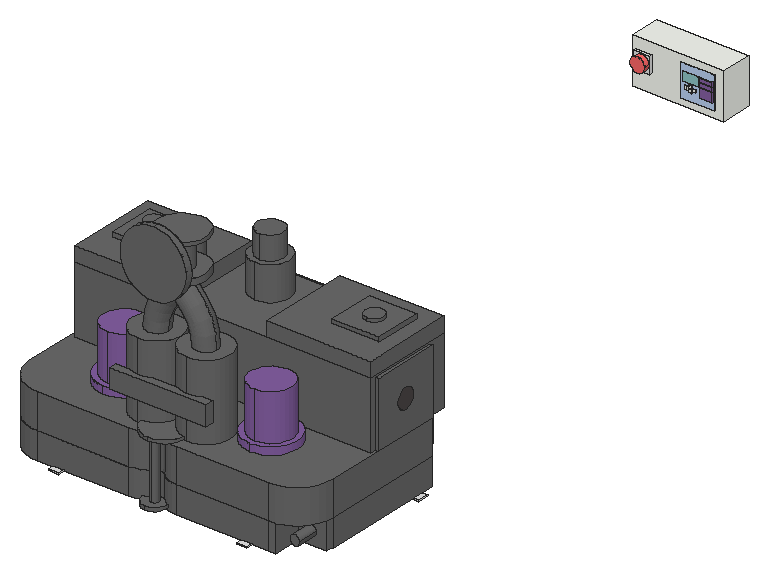
Revit family "11124", category Generic Models, Revit 2021
Family settings
  Can host rebar = No
  Round Connector Dimension = Use Diameter
  Part Type = Normal
  Work Plane-Based = No
  Always vertical = Yes
  Cut with Voids When Loaded = No
  Shared = Yes
  Room Calculation Point = No
Parameters (values of type "11124")
  SUPPLIER = "KESSEL"
  SA700ID49 = "Protection Class I"
  SA700ID48 = "no"
  SA700ID47 = "no"
  SA700ID46 = "yes"
  SA700ID37 = 20000 mm
  SA700ID34 = 55
  SA700ID33 = 4.2 W
  SA700ID32 = 200.52 kg
  SA700ID31 = 1
  SA700ID30 = 2
  SA700ID29 = "GLRD"
  SA700ID21 = 2000
  SA700ID10 = "yes"
  SA700ID08 = 400 V
  PROCUREWEBLINK = "https://p.caden.as/kessel/11124"
  PROCURELINK = "p.caden.as/kessel/11124"
  PROCUREDATALASTUPDATE = "2024-05-22T12:17:50.286292295+01:00"
  PREVIEW = "../../bilder/ksb_w_11124.png"
  PRC_SPECIFICATIONLINK = "https://ausschreiben.de/catalog/kessel/catalogItem/2811f697-09c3-4c11-ad32-2cc562652050"
  NN = "Lifting station Aqualift F XL"
  NBSYN = "$SA810ID03."
  NB = "11124"
  Model = "11124"
  Manufacturer = "KESSEL"
  MIdent = "{$CADENAS_DATA/23d-libs/kessel/kessel_vdi_import/4/entwaesserung/hebeanlage20aqualift20f20xl.prj},201 {STYP=ASS},{VTYP=3D},{NB=11124},{LINA=11124},{NN=Lifting station Aqualift F XL},{DATE=21.11.2022 10:48:11},{GEOMDATE=21.11.2022 10:48:11},{VERSION=},{LINEID=480},{WBVAR=LODLEVEL},{WBNUMERIC=LODLEVEL}  {NB=11124},{LINA=11124},{KT=DUMMY},{PREVIEW=../../bilder/ksb_w_11124.png},{SA700ID04=Hebeanlage Aqualift F XL 300 l, Duo, SPF 4500-S1, Gussschieber},{SA810ID06=04026092057919},{SA700ID34=55.00},{SA010ID03=201805},{SA810ID03=11124},{SA810ID10=Aqualift F XL 4500W-S1 Duo 300L m.S.G.KESSEL Aqualift F XL Hebeanlage für fäkalienhaltiges und fäkalienfreiesAbwasser. Zur Aufstellung in frostgeschützten Räumen.Duoanlage mit zwei Pumpen des Typs SPF 4500-S1 Sammelbehälter ausPolyethylen, mit verschraubter Reinigungsöffnung,Anschlussstutzen für Zulauf von oben DN100/150.Inklusive Tauchrohr zur pneumatischen Niveauerfassung,Entlüftungsanschluss DN 70 und Anschluss für eine Handmembranpumpe DN32.Behälter inklusive Haltewinkel zur Auftriebssicherung.Behältervolumen 300 Liter, max. Nutzvolumen bei Zulauf von oben ca. 175Liter.Zwei seitliche und drei rückseitige Anbohrflächen zur Montage weitererZuläufe bis DN 200 unter Verwendung von Durchgangsdichtungen.Inklusive KESSEL Schaltgerät Aqualift Comfort 400 V.Anwenderfreundliche Menüführung im mehrzeiligem Display. MitSelbstdiagnosesystem (SDS) und Erinnerungsfunktion für nächste Wartung.Anzeige der aktuellen Messwerte. Einfache Einstellung derfunktionsrelevanten Parameter, inklusive Betriebsstundenzähler undpotentialfreiem Kontakt. Optionale Weiterleitung von Alarm- undSammelstörmeldung über GSM Schnittstelle.Schaltgerät mit Volltextanzeige in sechs Sprachen.Abwasserpumpe(n) mit Freistromrad zur Förderung von fäkalienfreiemundfäkalienhaltigem Abwasser gemäß DIN EN 12050-1. Freier Kugeldurchgangmindestens 40 mm. Pumpe(n) überflutungssicher.Inklusive Rückflussverhinderer, mit Druckabgang aus Grauguss DN 80. nachDIN 2501. Inklusive einem Absperrschieber.Pumpe(n) Typ SPF 4500-S1Fördermenge: max. 56 m³/hFörderhöhe: max. 20 mNennleistung (P2): 3,7 KW je PumpeAufnahmeleistung (P1): 4,5 KW je PumpeBetriebsspannung: 400 V DSNennfrequenz: 50 HzNennstrom: 7,4 AAbsicherung: 3 x C 25 ASchutzart (Pumpe): IP68 3mWS/48hSchutzart (Schaltgerät): IP 65Bertiebsart: S1Kabellänge: 5 mAußenmaße Anlage mit 300 Liter Behälter (BxTxH): 1260 x 760 x 770 mmGewicht ca. 200,52 kg},{SA700ID37=20.00},{SA700ID33=4.20},{SA700ID08=400},{SA700ID30=2},{SA700ID32=200.52},{SA700ID49=Schutzklasse I},{SA700ID50=intern},{SA200ID03=6},{SA250ID03=vertikal},{SA260ID03=Trockenläuferpumpe},{SA350ID03=normalansaugend},{SA400ID03=E-Motor für Drehstrom},{SA460ID03=direkt},{SA500ID03=Kunststoff, Edelstahl},{SA700ID06=80},{SA700ID07=100},{SA700ID09=3/N/PE 400V},{SA700ID10=Ja},{SA700ID11=50},{SA700ID12=IP 68},{SA700ID13=F},{SA700ID15=40},{SA700ID21=2000.00},{SA700ID22=3.50},{SA700ID23=2850},{SA700ID24=2850},{SA700ID26=7.50},{SA700ID27=56.00},{SA700ID28=durchgehend},{SA700ID29=GLRD},{SA700ID31=1},{SA700ID46=ja},{SA700ID47=nein},{SA700ID48=nein},{SA110ID04=Hebeanlage Aqualift F XL},{SA300ID03=einstufig},{SA700ID44=10.00},{SA700ID45=10.00},{SA010ID04=KESSEL AG},{LODLEVEL=200},{LINK=https://www.kessel.de/info?han=11124},{SA970ID01=970},{SA970ID02=7187},{SA970ID03=11124},{SA970ID04=11002617},{SA970ID05=QUAD},{SA970ID06=-655.51},{SA970ID07=-650},{SA970ID08=0},{SA970ID09=1},{SA970ID10=0},{SA970ID11=0},{SA970ID12=0},{SA970ID13=1},{SA970ID14=0},{SA970ID15=1311.02},{SA970ID16=800},{SA970ID17=1037.75},{LODLEVEL_=200,'Low'},{LODLEVEL_DEU=200,'Low'},{LINK_=https://www.kessel.de/info?han=11124},{LINK_DEU=https://www.kessel.de/info?han=11124},{LODLEVEL_3DB=11124_200},{DNIN1=100},{DNIN2=70},{DNIN4=10},{DNIN5=10},{DNIN6=50},{DNIN7=50},{DNIN8=50},{DNIN9=50},{DNOUT1=32},{DNOUT2=100},{DNOUT3=70},{ISD1=96},{ISD2=10},{ISDOUT1=40},{ISDOUT2=85},{ISDOUT3=65},{SA010ID01=010},{SA010ID02=4},{SA010ID06=www.kessel.de},{SA010ID07=www.kessel.de},{SA010ID12=20180713},{SA010ID13=DEU},{SA010ID14=DE},{SA100ID01=100},{SA100ID02=4},{SA100ID04=Entwässerung},{SA110ID01=110},{SA110ID02=6},{SA200ID01=200},{SA200ID02=6},{SA250ID01=250},{SA250ID02=2},{SA260ID01=260},{SA260ID02=2},{SA300ID01=300},{SA300ID02=1},{SA350ID01=350},{SA350ID02=1},{SA400ID01=400},{SA400ID02=2},{SA460ID01=460},{SA460ID02=1},{SA500ID01=500},{SA500ID02=1},{SA700ID01=700},{SA700ID02=83},{SA700ID10_=1},{SA700ID16=0},{SA700ID25=0},{SA700ID46_=1},{SA700ID47_=0},{SA700ID48_=0},{SA700ID49_=1},{SA700ID50_=2},{SA800ID01=800},{SA800ID02=47},{SA810ID01=810},{SA810ID02=83},{SA810ID04=11124},{SA810ID07=83},{SA810ID09=1},{SA810ID14=PCE},{SA810ID15=1},{SA810ID16=NMP},{SA960ID03=83},{SA960ID04=3L},{SA960ID08=https://www.kessel.de/info?han=11124},{SA010ID08=4026092000007},{SA100ID05=Hebeanlage},{SA110ID06=Hebeanlage}"
  LINK = "https://www.kessel.de/info?han=11124"
  LINA = "11124"
  Default Elevation = 0 mm
  CREATOR = "CADENAS GmbH"
  CATALOG = "KESSEL"
  BOMINFO = "LINA"
  ARTICLENO = "NB"
  4.810.00.9 Order quantity (multiplicator) = "1"
  4.810.00.7 Media- connection number = "83"
  4.810.00.6 GTIN number = "04026092057919"
  4.810.00.4 DATANORM number = "11124"
  4.810.00.3 Producer order number = "11124"
  4.710.03.7 Mass (net) = 200.52 kg
  4.710.03.6 Height = 1042 mm
  4.710.03.5 Width = 889 mm
  4.710.03.4 Length = 1260 mm
  4.710.03.3 Type of dimensions = "2"
  4.710.02.8 Area of application of wastewater pump = "1"
  4.710.02.6 Duty type = "S1"
  4.710.02.5 Cutting device = "0"
  4.710.02.4 Attached pump control = "1"
  4.710.02.3 Free passage = 40 mm
  4.710.01.6 Option to connect to building automation = "40"
  4.710.01.5 Load regulation = "0"
  4.710.01.4 Designation of closed-loop control = "175"
  4.710.01.3 Identifier for closed-loop control = "300"
  4.700.00.9 Voltage = 0
  4.700.00.8 Nominal connection size on suction side = "100"
  4.700.00.7 Nominal connection size on pressure side = "100"
  4.700.00.6 Type of connection = "80"
  4.700.00.4 Product indentification = "Hebeanlage Aqualift F XL 300 l, Duo, SPF 4500-S1, Gussschieber"
  4.700.00.28 Motor pump shaft = "durchgehend"
  4.700.00.27 Starting current = 56
  4.700.00.26 Maximum power consumption per pump / drive = 7.5
  4.700.00.25 Minimum speed at internal speed adjustment = 0
  4.700.00.24 Nominal speed / maximum speed n = 47.5
  4.700.00.23 Nominal speed of motor = 47.5
  4.700.00.22 Maximum shaft output (P2) per pump/drive = 3.5 W
  4.700.00.16 Maximum temperature of pumped medium = 0 °C
  4.700.00.15 Increased safety class = "40 °C"
  4.700.00.13 Type of protection = "F"
  4.700.00.12 Frequency = 0
  4.700.00.11 Stern-/Dreieck-Anlaufschaltung bei Dreiphasenanschluss oder Drehstrom = "50 Hz"
  4.700.00.10 Phase = "1"
  4.500.00.3 Variant / Variant type / Accessories-name = "Kunststoff, Edelstahl"
  4.460.00.3 Variant / Variant type / Accessories-name = "direkt"
  4.400.00.3 Variant / Variant type / Accessories-name = "E-Motor für Drehstrom"
  4.350.00.3 Variant / Variant type / Accessories-name = "normalansaugend"
  4.300.00.3 Variant / Variant type / Accessories-name = "einstufig"
  4.260.00.3 Variant / Variant type / Accessories-name = "Trockenläuferpumpe"
  4.250.00.3 Variant / Variant type / Accessories-name = "vertikal"
  4.200.00.3 Variant / Variant type / Accessories-name = "6"
  4.110.00.6 Product classification = "Hebeanlage"
  4.110.00.4 Product indentification = "Hebeanlage Aqualift F XL"
  4.100.00.5 Main groups of wares = "Hebeanlage"
  4.100.00.4 Product indentification = "Entwässerung"
  4.010.00.8 Producer ID number = "4026092000007"
  4.010.00.7 Comment = "www.kessel.de"
  4.010.00.6 Web address of the manufacturer = "www.kessel.de"
  4.010.00.4 Manufacturer name = "KESSEL AG"
  4.010.00.3 Date of issuance (month) of guideline = "201805"
  4.010.00.2 Sheet number of the guideline = "4"
  4.010.00.14 Kennungen der Projektländer, für die die Datei gültig ist = "DE"
  4.010.00.13 Sprache der Datei = "DEU"
  4.010.00.12 Stand des Herstellerkatalogs = "20180713"
Reference planes
  plane 1 "Center (Front/Back)": y = 0
  plane 2: z = 0
  plane 3 "Center (Left/Right)": x = 0
Dimensions and locks
  aligned and locked: level to plane 2
Nested families
  nested 1: "11124_content" at (0, 0, 0), type "11124_Content"
  nested 2: "11124_part1_X0Y0" at (1000, 1000, 1200), type "11124_PART1_X0Y0"
  nested 3: "11124_part2_X0Y0" at (0, 0, 0), type "11124_PART2_X0Y0"
Connectors
  electrical at (861, 933, 1201.5)
    settings: on nested 2, index 1, voltage 0 V, apparent load 0 VA, apparent load phase1 0 VA, apparent load phase2 0 VA, apparent load phase3 0 VA, power factor 1, load classification "Other", number of poles 1, system type 31, power factor state 1, is connector primary yes, connector utility no, sub classification motor no, connector description ""
  piping at (0, 0, 771), diameter 100
    settings: on nested 3, index 2, connector inside diameter 609.6 mm, connector length 0 mm, flow factor 0, pipe flow 0.0 L/s, pressure drop 0.0 Pa, fitting loss kfactor 0, connector angle 0.00°, fixture units 0, engagement length 0 mm, angle of deflection 0.00°, flow configuration 0, flow direction 1, fitting loss method 2, system type 8, joint type 0, gender type 0, connector reference index -1, connector utility 0, adjustable connector no, is connector primary yes, connector description ""
  piping at (631, -85, 392), diameter 70
    settings: on nested 3, index 3, connector inside diameter 609.6 mm, connector length 0 mm, flow factor 0, pipe flow 0.0 L/s, pressure drop 0.0 Pa, fitting loss kfactor 0, connector angle 0.00°, fixture units 0, engagement length 0 mm, angle of deflection 0.00°, flow configuration 0, flow direction 0, fitting loss method 2, system type 8, joint type 0, gender type 0, connector reference index -1, connector utility 0, adjustable connector no, is connector primary no, connector description ""
  piping at (358.7, 150.5, 392), diameter 70
    settings: on nested 3, index 4, connector inside diameter 609.6 mm, connector length 0 mm, flow factor 0, pipe flow 0.0 L/s, pressure drop 0.0 Pa, fitting loss kfactor 0, connector angle 0.00°, fixture units 0, engagement length 0 mm, angle of deflection 0.00°, flow configuration 0, flow direction 0, fitting loss method 2, system type 8, joint type 0, gender type 0, connector reference index -1, connector utility 0, adjustable connector no, is connector primary no, connector description ""
  piping at (0, 150.5, 392), diameter 70
    settings: on nested 3, index 5, connector inside diameter 609.6 mm, connector length 0 mm, flow factor 0, pipe flow 0.0 L/s, pressure drop 0.0 Pa, fitting loss kfactor 0, connector angle 0.00°, fixture units 0, engagement length 0 mm, angle of deflection 0.00°, flow configuration 0, flow direction 0, fitting loss method 2, system type 8, joint type 0, gender type 0, connector reference index -1, connector utility 0, adjustable connector no, is connector primary no, connector description ""
  piping at (-357.7, 150.5, 392), diameter 70
    settings: on nested 3, index 6, connector inside diameter 609.6 mm, connector length 0 mm, flow factor 0, pipe flow 0.0 L/s, pressure drop 0.0 Pa, fitting loss kfactor 0, connector angle 0.00°, fixture units 0, engagement length 0 mm, angle of deflection 0.00°, flow configuration 0, flow direction 0, fitting loss method 2, system type 8, joint type 0, gender type 0, connector reference index -1, connector utility 0, adjustable connector no, is connector primary no, connector description ""
  piping at (-630, -85, 392), diameter 70
    settings: on nested 3, index 7, connector inside diameter 609.6 mm, connector length 0 mm, flow factor 0, pipe flow 0.0 L/s, pressure drop 0.0 Pa, fitting loss kfactor 0, connector angle 0.00°, fixture units 0, engagement length 0 mm, angle of deflection 0.00°, flow configuration 0, flow direction 0, fitting loss method 2, system type 8, joint type 0, gender type 0, connector reference index -1, connector utility 0, adjustable connector no, is connector primary no, connector description ""
  piping at (0, -460, 970), diameter 100
    settings: on nested 3, index 8, connector inside diameter 609.6 mm, connector length 0 mm, flow factor 0, pipe flow 0.0 L/s, pressure drop 0.0 Pa, fitting loss kfactor 0, connector angle 0.00°, fixture units 0, engagement length 0 mm, angle of deflection 0.00°, flow configuration 0, flow direction 2, fitting loss method 2, system type 7, joint type 0, gender type 0, connector reference index -1, connector utility 0, adjustable connector no, is connector primary no, connector description ""
  piping at (-269.5, -60, 681), diameter 70
    settings: on nested 3, index 9, connector inside diameter 609.6 mm, connector length 0 mm, flow factor 0, pipe flow 0.0 L/s, pressure drop 0.0 Pa, fitting loss kfactor 0, connector angle 0.00°, fixture units 0, engagement length 0 mm, angle of deflection 0.00°, flow configuration 0, flow direction 2, fitting loss method 2, system type 7, joint type 0, gender type 0, connector reference index -1, connector utility 0, adjustable connector no, is connector primary no, connector description ""
  piping at (565, -575.5, 56), diameter 32
    settings: on nested 3, index 10, connector inside diameter 609.6 mm, connector length 0 mm, flow factor 0, pipe flow 0.0 L/s, pressure drop 0.0 Pa, fitting loss kfactor 0, connector angle 0.00°, fixture units 0, engagement length 0 mm, angle of deflection 0.00°, flow configuration 0, flow direction 2, fitting loss method 2, system type 7, joint type 0, gender type 0, connector reference index -1, connector utility 0, adjustable connector no, is connector primary no, connector description ""
  electrical at (305.4, -376.25, 477)
    settings: on nested 3, index 11, voltage 0 V, apparent load 0 VA, apparent load phase1 0 VA, apparent load phase2 0 VA, apparent load phase3 0 VA, power factor 1, load classification "Other", number of poles 1, system type 31, power factor state 1, is connector primary no, connector utility no, sub classification motor no, connector description ""
  electrical at (-305.4, -376.25, 477)
    settings: on nested 3, index 12, voltage 0 V, apparent load 0 VA, apparent load phase1 0 VA, apparent load phase2 0 VA, apparent load phase3 0 VA, power factor 1, load classification "Other", number of poles 1, system type 31, power factor state 1, is connector primary no, connector utility no, sub classification motor no, connector description ""
  electrical at (-457, -29.5, 650)
    settings: on nested 3, index 13, voltage 0 V, apparent load 0 VA, apparent load phase1 0 VA, apparent load phase2 0 VA, apparent load phase3 0 VA, power factor 1, load classification "Other", number of poles 1, system type 31, power factor state 1, is connector primary no, connector utility no, sub classification motor no, connector description ""
Definition of nested family "11124_part1_X0Y0"
  Parameters (values of type "11124_PART1_X0Y0")
    SUPPLIER = "KESSEL"
    SA700ID49 = "Protection Class I"
    SA700ID48 = "no"
    SA700ID47 = "no"
    SA700ID46 = "yes"
    SA700ID37 = 20000 mm
    SA700ID34 = 55
    SA700ID33 = 4.2 W
    SA700ID32 = 200.52 kg
    SA700ID31 = 1
    SA700ID30 = 2
    SA700ID29 = "GLRD"
    SA700ID21 = 2000
    SA700ID10 = "yes"
    SA700ID08 = 400 V
    PREVIEW = "../../bilder/ksb_w_11124.png"
    NBSYN = "$SA810ID03._PART1"
    NB = "11124_PART1"
    Model = "11124_PART1"
    Manufacturer = "KESSEL"
    MIdent = "{$CADENAS_DATA/23d-libs/kessel/kessel_vdi_import/4/entwaesserung/hebeanlage20aqualift20f20xl.prj},221 {VTYP=3D},{NB=11124_PART1},{LINA=11124_PART1},{NN=Lifting station Aqualift F XL_PART1},{NOPRJ=TRUE},{DATE=21.11.2022 10:48:11},{GEOMDATE=21.11.2022 10:48:11},{VERSION=},{LINEID=480},{WBVAR=LODLEVEL},{WBNUMERIC=LODLEVEL}  {NB=11124_PART1},{LINA=11124_PART1},{KT=DUMMY},{PREVIEW=../../bilder/ksb_w_11124.png},{SA700ID04=Hebeanlage Aqualift F XL 300 l, Duo, SPF 4500-S1, Gussschieber},{SA810ID06=04026092057919},{SA700ID34=55.00},{SA010ID03=201805},{SA810ID03=11124},{SA810ID10=Aqualift F XL 4500W-S1 Duo 300L m.S.G.KESSEL Aqualift F XL Hebeanlage für fäkalienhaltiges und fäkalienfreiesAbwasser. Zur Aufstellung in frostgeschützten Räumen.Duoanlage mit zwei Pumpen des Typs SPF 4500-S1 Sammelbehälter ausPolyethylen, mit verschraubter Reinigungsöffnung,Anschlussstutzen für Zulauf von oben DN100/150.Inklusive Tauchrohr zur pneumatischen Niveauerfassung,Entlüftungsanschluss DN 70 und Anschluss für eine Handmembranpumpe DN32.Behälter inklusive Haltewinkel zur Auftriebssicherung.Behältervolumen 300 Liter, max. Nutzvolumen bei Zulauf von oben ca. 175Liter.Zwei seitliche und drei rückseitige Anbohrflächen zur Montage weitererZuläufe bis DN 200 unter Verwendung von Durchgangsdichtungen.Inklusive KESSEL Schaltgerät Aqualift Comfort 400 V.Anwenderfreundliche Menüführung im mehrzeiligem Display. MitSelbstdiagnosesystem (SDS) und Erinnerungsfunktion für nächste Wartung.Anzeige der aktuellen Messwerte. Einfache Einstellung derfunktionsrelevanten Parameter, inklusive Betriebsstundenzähler undpotentialfreiem Kontakt. Optionale Weiterleitung von Alarm- undSammelstörmeldung über GSM Schnittstelle.Schaltgerät mit Volltextanzeige in sechs Sprachen.Abwasserpumpe(n) mit Freistromrad zur Förderung von fäkalienfreiemundfäkalienhaltigem Abwasser gemäß DIN EN 12050-1. Freier Kugeldurchgangmindestens 40 mm. Pumpe(n) überflutungssicher.Inklusive Rückflussverhinderer, mit Druckabgang aus Grauguss DN 80. nachDIN 2501. Inklusive einem Absperrschieber.Pumpe(n) Typ SPF 4500-S1Fördermenge: max. 56 m³/hFörderhöhe: max. 20 mNennleistung (P2): 3,7 KW je PumpeAufnahmeleistung (P1): 4,5 KW je PumpeBetriebsspannung: 400 V DSNennfrequenz: 50 HzNennstrom: 7,4 AAbsicherung: 3 x C 25 ASchutzart (Pumpe): IP68 3mWS/48hSchutzart (Schaltgerät): IP 65Bertiebsart: S1Kabellänge: 5 mAußenmaße Anlage mit 300 Liter Behälter (BxTxH): 1260 x 760 x 770 mmGewicht ca. 200,52 kg},{SA700ID37=20.00},{SA700ID33=4.20},{SA700ID08=400},{SA700ID30=2},{SA700ID32=200.52},{SA700ID49=Schutzklasse I},{SA700ID50=intern},{SA200ID03=6},{SA250ID03=vertikal},{SA260ID03=Trockenläuferpumpe},{SA350ID03=normalansaugend},{SA400ID03=E-Motor für Drehstrom},{SA460ID03=direkt},{SA500ID03=Kunststoff, Edelstahl},{SA700ID06=80},{SA700ID07=100},{SA700ID09=3/N/PE 400V},{SA700ID10=Ja},{SA700ID11=50},{SA700ID12=IP 68},{SA700ID13=F},{SA700ID15=40},{SA700ID21=2000.00},{SA700ID22=3.50},{SA700ID23=2850},{SA700ID24=2850},{SA700ID26=7.50},{SA700ID27=56.00},{SA700ID28=durchgehend},{SA700ID29=GLRD},{SA700ID31=1},{SA700ID46=ja},{SA700ID47=nein},{SA700ID48=nein},{SA110ID04=Hebeanlage Aqualift F XL},{SA300ID03=einstufig},{SA700ID44=10.00},{SA700ID45=10.00},{SA010ID04=KESSEL AG},{LODLEVEL=200},{LINK=https://www.kessel.de/info?han=11124},{SA970ID01=970},{SA970ID02=7187},{SA970ID03=11124},{SA970ID04=11002617},{SA970ID05=QUAD},{SA970ID06=-655.51},{SA970ID07=-650},{SA970ID08=0},{SA970ID09=1},{SA970ID10=0},{SA970ID11=0},{SA970ID12=0},{SA970ID13=1},{SA970ID14=0},{SA970ID15=1311.02},{SA970ID16=800},{SA970ID17=1037.75},{LODLEVEL_=200,'Low'},{LODLEVEL_DEU=200,'Low'},{LINK_=https://www.kessel.de/info?han=11124},{LINK_DEU=https://www.kessel.de/info?han=11124},{LODLEVEL_3DB=11124_200},{DNIN1=100},{DNIN2=70},{DNIN4=10},{DNIN5=10},{DNIN6=50},{DNIN7=50},{DNIN8=50},{DNIN9=50},{DNOUT1=32},{DNOUT2=100},{DNOUT3=70},{ISD1=96},{ISD2=10},{ISDOUT1=40},{ISDOUT2=85},{ISDOUT3=65},{SA010ID01=010},{SA010ID02=4},{SA010ID06=www.kessel.de},{SA010ID07=www.kessel.de},{SA010ID12=20180713},{SA010ID13=DEU},{SA010ID14=DE},{SA100ID01=100},{SA100ID02=4},{SA100ID04=Entwässerung},{SA110ID01=110},{SA110ID02=6},{SA200ID01=200},{SA200ID02=6},{SA250ID01=250},{SA250ID02=2},{SA260ID01=260},{SA260ID02=2},{SA300ID01=300},{SA300ID02=1},{SA350ID01=350},{SA350ID02=1},{SA400ID01=400},{SA400ID02=2},{SA460ID01=460},{SA460ID02=1},{SA500ID01=500},{SA500ID02=1},{SA700ID01=700},{SA700ID02=83},{SA700ID10_=1},{SA700ID16=0},{SA700ID25=0},{SA700ID46_=1},{SA700ID47_=0},{SA700ID48_=0},{SA700ID49_=1},{SA700ID50_=2},{SA800ID01=800},{SA800ID02=47},{SA810ID01=810},{SA810ID02=83},{SA810ID04=11124},{SA810ID07=83},{SA810ID09=1},{SA810ID14=PCE},{SA810ID15=1},{SA810ID16=NMP},{SA960ID03=83},{SA960ID04=3L},{SA960ID08=https://www.kessel.de/info?han=11124},{SA010ID08=4026092000007},{SA100ID05=Hebeanlage},{SA110ID06=Hebeanlage}"
    LINK = "https://www.kessel.de/info?han=11124"
    LINA = "11124_PART1"
    Default Elevation = 1219.2 mm
    CREATOR = "CADENAS GmbH"
    CATALOG = "KESSEL"
    BOMINFO = "LINA"
    ARTICLENO = "NB"
    4.810.00.9 Order quantity (multiplicator) = "1"
    4.810.00.7 Media- connection number = "83"
    4.810.00.6 GTIN number = "04026092057919"
    4.810.00.4 DATANORM number = "11124"
    4.810.00.3 Producer order number = "11124"
    4.710.03.7 Mass (net) = 200.52 kg
    4.710.03.6 Height = 1042 mm
    4.710.03.5 Width = 889 mm
    4.710.03.4 Length = 1260 mm
    4.710.03.3 Type of dimensions = "2"
    4.710.02.8 Area of application of wastewater pump = "1"
    4.710.02.6 Duty type = "S1"
    4.710.02.5 Cutting device = "0"
    4.710.02.4 Attached pump control = "1"
    4.710.02.3 Free passage = 40 mm
    4.710.01.6 Option to connect to building automation = "40"
    4.710.01.5 Load regulation = "0"
    4.710.01.4 Designation of closed-loop control = "175"
    4.710.01.3 Identifier for closed-loop control = "300"
    4.700.00.9 Voltage = 0
    4.700.00.8 Nominal connection size on suction side = "100"
    4.700.00.7 Nominal connection size on pressure side = "100"
    4.700.00.6 Type of connection = "80"
    4.700.00.4 Product indentification = "Hebeanlage Aqualift F XL 300 l, Duo, SPF 4500-S1, Gussschieber"
    4.700.00.28 Motor pump shaft = "durchgehend"
    4.700.00.27 Starting current = 56
    4.700.00.26 Maximum power consumption per pump / drive = 7.5
    4.700.00.25 Minimum speed at internal speed adjustment = 0
    4.700.00.24 Nominal speed / maximum speed n = 47.5
    4.700.00.23 Nominal speed of motor = 47.5
    4.700.00.22 Maximum shaft output (P2) per pump/drive = 3.5 W
    4.700.00.16 Maximum temperature of pumped medium = 0 °C
    4.700.00.15 Increased safety class = "40 °C"
    4.700.00.13 Type of protection = "F"
    4.700.00.12 Frequency = 0
    4.700.00.11 Stern-/Dreieck-Anlaufschaltung bei Dreiphasenanschluss oder Drehstrom = "50 Hz"
    4.700.00.10 Phase = "1"
    4.500.00.3 Variant / Variant type / Accessories-name = "Kunststoff, Edelstahl"
    4.460.00.3 Variant / Variant type / Accessories-name = "direkt"
    4.400.00.3 Variant / Variant type / Accessories-name = "E-Motor für Drehstrom"
    4.350.00.3 Variant / Variant type / Accessories-name = "normalansaugend"
    4.300.00.3 Variant / Variant type / Accessories-name = "einstufig"
    4.260.00.3 Variant / Variant type / Accessories-name = "Trockenläuferpumpe"
    4.250.00.3 Variant / Variant type / Accessories-name = "vertikal"
    4.200.00.3 Variant / Variant type / Accessories-name = "6"
    4.110.00.6 Product classification = "Hebeanlage"
    4.110.00.4 Product indentification = "Hebeanlage Aqualift F XL"
    4.100.00.5 Main groups of wares = "Hebeanlage"
    4.100.00.4 Product indentification = "Entwässerung"
    4.010.00.8 Producer ID number = "4026092000007"
    4.010.00.7 Comment = "www.kessel.de"
    4.010.00.6 Web address of the manufacturer = "www.kessel.de"
    4.010.00.4 Manufacturer name = "KESSEL AG"
    4.010.00.3 Date of issuance (month) of guideline = "201805"
    4.010.00.2 Sheet number of the guideline = "4"
    4.010.00.14 Kennungen der Projektländer, für die die Datei gültig ist = "DE"
    4.010.00.13 Sprache der Datei = "DEU"
    4.010.00.12 Stand des Herstellerkatalogs = "20180713"
  Reference planes
    plane 1 "Center (Front/Back)": y = 0
    plane 2: z = 0
    plane 3 "Center (Left/Right)": x = 0
  Dimensions and locks
    aligned and locked: level to plane 2
  Nested families
    nested 1: "11124_part1_content" at (0, 0, 0), type "11124_PART1_Content"
  Definition of nested family "11124_part1_content"
    Parameters (values of type "11124_PART1_Content")
      SUPPLIER = "KESSEL"
      SA700ID49 = "Protection Class I"
      SA700ID48 = "no"
      SA700ID47 = "no"
      SA700ID46 = "yes"
      SA700ID37 = 20000 mm
      SA700ID34 = 55
      SA700ID33 = 4.2 W
      SA700ID32 = 200.52 kg
      SA700ID31 = 1
      SA700ID30 = 2
      SA700ID29 = "GLRD"
      SA700ID21 = 2000
      SA700ID10 = "yes"
      SA700ID08 = 400 V
      PREVIEW = "../../bilder/ksb_w_11124.png"
      NBSYN = "$SA810ID03._PART1"
      NB = "11124_PART1"
      Model = "11124_PART1"
      Manufacturer = "KESSEL"
      LINK = "https://www.kessel.de/info?han=11124"
      LINA = "11124_PART1"
      Default Elevation = 1219.2 mm
      CREATOR = "CADENAS GmbH"
      CATALOG = "KESSEL"
      BOMINFO = "LINA"
      ARTICLENO = "NB"
      4.810.00.9 Order quantity (multiplicator) = "1"
      4.810.00.7 Media- connection number = "83"
      4.810.00.6 GTIN number = "04026092057919"
      4.810.00.4 DATANORM number = "11124"
      4.810.00.3 Producer order number = "11124"
      4.710.03.7 Mass (net) = 200.52 kg
      4.710.03.6 Height = 1042 mm
      4.710.03.5 Width = 889 mm
      4.710.03.4 Length = 1260 mm
      4.710.03.3 Type of dimensions = "2"
      4.710.02.8 Area of application of wastewater pump = "1"
      4.710.02.6 Duty type = "S1"
      4.710.02.5 Cutting device = "0"
      4.710.02.4 Attached pump control = "1"
      4.710.02.3 Free passage = 40 mm
      4.710.01.6 Option to connect to building automation = "40"
      4.710.01.5 Load regulation = "0"
      4.710.01.4 Designation of closed-loop control = "175"
      4.710.01.3 Identifier for closed-loop control = "300"
      4.700.00.9 Voltage = 0
      4.700.00.8 Nominal connection size on suction side = "100"
      4.700.00.7 Nominal connection size on pressure side = "100"
      4.700.00.6 Type of connection = "80"
      4.700.00.4 Product indentification = "Hebeanlage Aqualift F XL 300 l, Duo, SPF 4500-S1, Gussschieber"
      4.700.00.28 Motor pump shaft = "durchgehend"
      4.700.00.27 Starting current = 56
      4.700.00.26 Maximum power consumption per pump / drive = 7.5
      4.700.00.25 Minimum speed at internal speed adjustment = 0
      4.700.00.24 Nominal speed / maximum speed n = 47.5
      4.700.00.23 Nominal speed of motor = 47.5
      4.700.00.22 Maximum shaft output (P2) per pump/drive = 3.5 W
      4.700.00.16 Maximum temperature of pumped medium = 0 °C
      4.700.00.15 Increased safety class = "40 °C"
      4.700.00.13 Type of protection = "F"
      4.700.00.12 Frequency = 0
      4.700.00.11 Stern-/Dreieck-Anlaufschaltung bei Dreiphasenanschluss oder Drehstrom = "50 Hz"
      4.700.00.10 Phase = "1"
      4.500.00.3 Variant / Variant type / Accessories-name = "Kunststoff, Edelstahl"
      4.460.00.3 Variant / Variant type / Accessories-name = "direkt"
      4.400.00.3 Variant / Variant type / Accessories-name = "E-Motor für Drehstrom"
      4.350.00.3 Variant / Variant type / Accessories-name = "normalansaugend"
      4.300.00.3 Variant / Variant type / Accessories-name = "einstufig"
      4.260.00.3 Variant / Variant type / Accessories-name = "Trockenläuferpumpe"
      4.250.00.3 Variant / Variant type / Accessories-name = "vertikal"
      4.200.00.3 Variant / Variant type / Accessories-name = "6"
      4.110.00.6 Product classification = "Hebeanlage"
      4.110.00.4 Product indentification = "Hebeanlage Aqualift F XL"
      4.100.00.5 Main groups of wares = "Hebeanlage"
      4.100.00.4 Product indentification = "Entwässerung"
      4.010.00.8 Producer ID number = "4026092000007"
      4.010.00.7 Comment = "www.kessel.de"
      4.010.00.6 Web address of the manufacturer = "www.kessel.de"
      4.010.00.4 Manufacturer name = "KESSEL AG"
      4.010.00.3 Date of issuance (month) of guideline = "201805"
      4.010.00.2 Sheet number of the guideline = "4"
      4.010.00.14 Kennungen der Projektländer, für die die Datei gültig ist = "DE"
      4.010.00.13 Sprache der Datei = "DEU"
      4.010.00.12 Stand des Herstellerkatalogs = "20180713"
    Reference planes
      plane 1 "Center (Front/Back)": y = 0
      plane 2: z = 0
      plane 3 "Center (Left/Right)": x = 0
    Forms (mm)
      Extrusion 1, solid, detail levels medium+fine
        sketch origin (189.25, -1.75, 0.2) x (0, -1, 0) y (0, 0, 1)
          loop
            line (0, 187.8) -> (0, 0) -> (127.75, 0) -> (127.75, 187.8) -> (0, 187.8)
        from 0 to 378.5
      Extrusion 2, solid, detail levels medium+fine
        sketch origin (-4, -67, 0) x (0, 1, 0) y (-1, 0, 0)
          loop
            circle (0, 0) r 12.5
        from 0 to 1.5
      Extrusion 3, solid, detail levels medium+fine
        sketch origin (150.8, -129.5, 26.5) x (0, -1, 0) y (0, 0, 1)
          loop
            line (-1.2, 134.8) -> (-1.2, 0) -> (0.25, 0) -> (0.25, 134.8) -> (-1.2, 134.8)
        from 0 to 139.9
      Extrusion 4, solid, detail levels medium+fine
        sketch origin (72.55, -129.75, 66) x (0, -1, 0) y (0, 0, 1)
          loop
            line (-1, 12) -> (-1, 0) -> (0.5, 0) -> (0.5, 12) -> (-1, 12)
        from 0 to 12
      Extrusion 5, solid, detail levels medium+fine
        sketch origin (84.45, -129.75, 93.4) x (0, -1, 0) y (0, 0, 1)
          loop
            line (-1, 37) -> (-1, 0) -> (0.5, 0) -> (0.5, 37) -> (-1, 37)
        from 0 to 66
      Extrusion 6, solid, detail levels medium+fine
        sketch origin (55.3, -129.75, 74) x (0, -1, 0) y (0, 0, 1)
          loop
            line (-1, 12) -> (-1, 0) -> (0.5, 0) -> (0.5, 12) -> (-1, 12)
        from 0 to 12
      Extrusion 7, solid, detail levels medium+fine
        sketch origin (143.3, -129.75, 94.4) x (0, -1, 0) y (0, 0, 1)
          loop
            line (0, 16) -> (0, 0) -> (1.75, 0) -> (1.75, 16) -> (0, 16)
        from 0 to 51
      Extrusion 8, solid, detail levels medium+fine
        sketch origin (143.3, -129.75, 54.4) x (0, -1, 0) y (0, 0, 1)
          loop
            line (0, 36) -> (0, 0) -> (1.75, 0) -> (1.75, 36) -> (0, 36)
        from 0 to 51
      Extrusion 9, solid, detail levels medium+fine
        sketch origin (55.3, -129.75, 57.5) x (0, -1, 0) y (0, 0, 1)
          loop
            line (-1, 12) -> (-1, 0) -> (0.5, 0) -> (0.5, 12) -> (-1, 12)
        from 0 to 12
      Extrusion 10, solid, detail levels medium+fine
        sketch origin (143.3, -129.75, 114.4) x (0, -1, 0) y (0, 0, 1)
          loop
            line (0, 16) -> (0, 0) -> (1.75, 0) -> (1.75, 16) -> (0, 16)
        from 0 to 51
      Extrusion 11, solid, detail levels medium+fine
        sketch origin (38.05, -129.75, 66) x (0, -1, 0) y (0, 0, 1)
          loop
            line (-1, 12) -> (-1, 0) -> (0.5, 0) -> (0.5, 12) -> (-1, 12)
        from 0 to 12
      Extrusion 12, solid, detail levels medium+fine
        sketch origin (47, -72, 0) x (0, 1, 0) y (-1, 0, 0)
          loop
            circle (0, 0) r 8
        from 0 to 1.5
      Extrusion 13, solid, detail levels medium+fine
        sketch origin (47, -42, 0) x (0, 1, 0) y (-1, 0, 0)
          loop
            circle (0, 0) r 5.25
        from 0 to 1.5
      Extrusion 14, solid, detail levels medium+fine
        sketch origin (77, -72, 0) x (0, 1, 0) y (-1, 0, 0)
          loop
            circle (0, 0) r 8
        from 0 to 1.5
      Extrusion 15, solid, detail levels medium+fine
        sketch origin (-94, -67, 0) x (0, 1, 0) y (-1, 0, 0)
          loop
            circle (0, 0) r 12.5
        from 0 to 1.5
      Extrusion 16, solid, detail levels medium+fine
        sketch origin (92, -42, 0) x (0, 1, 0) y (-1, 0, 0)
          loop
            circle (0, 0) r 8
        from 0 to 1.5
      Extrusion 17, solid, detail levels medium+fine
        sketch origin (107, -72, 0) x (0, 1, 0) y (-1, 0, 0)
          loop
            circle (0, 0) r 8
        from 0 to 1.5
      Extrusion 18, solid, detail levels medium+fine
        sketch origin (122, -42, 0) x (0, 1, 0) y (-1, 0, 0)
          loop
            circle (0, 0) r 8
        from 0 to 1.5
      Extrusion 19, solid, detail levels medium+fine
        sketch origin (-107.7, -129.5, 76.9) x (0, -1, 0) y (0, 0, 1)
          loop
            line (0, 67) -> (0, 0) -> (14, 0) -> (14, 67) -> (0, 67)
        from 0 to 67
      Extrusion 20, solid, detail levels medium+fine
        sketch origin (-141.2, -143.5, 110.4) x (1, 0, 0) y (0, 0, 1)
          loop
            circle (0, 0) r 30
        from 0 to 22
      Extrusion 21, solid, detail levels medium+fine
        sketch origin (127, -15, 0) x (0, 1, 0) y (-1, 0, 0)
          loop
            circle (0, 0) r 6
        from 0 to 1.5
      Extrusion 22, solid, detail levels medium+fine
        sketch origin (137, -72, 0) x (0, 1, 0) y (-1, 0, 0)
          loop
            circle (0, 0) r 8
        from 0 to 1.5
      Extrusion 23, solid, detail levels medium+fine
        sketch origin (-139, -67, 0) x (0, 1, 0) y (-1, 0, 0)
          loop
            circle (0, 0) r 12.5
        from 0 to 1.5
      Extrusion 24, solid, detail levels medium+fine
        sketch origin (152, -42, 0) x (0, 1, 0) y (-1, 0, 0)
          loop
            circle (0, 0) r 8
        from 0 to 1.5
      Extrusion 25, solid, detail levels coarse
        sketch origin (0, -83.625, 0) x (1, 0, 0) y (0, 1, 0)
          loop
            line (-189.25, -81.875) -> (189.25, -81.875) -> (189.25, 81.875) -> (-189.25, 81.875) -> (-189.25, -81.875)
        from 0 to 188
    Dimensions and locks
      aligned and locked: level to plane 2
Definition of nested family "11124_part2_X0Y0"
  Parameters (values of type "11124_PART2_X0Y0")
    SUPPLIER = "KESSEL"
    SA700ID49 = "Protection Class I"
    SA700ID48 = "no"
    SA700ID47 = "no"
    SA700ID46 = "yes"
    SA700ID37 = 20000 mm
    SA700ID34 = 55
    SA700ID33 = 4.2 W
    SA700ID32 = 200.52 kg
    SA700ID31 = 1
    SA700ID30 = 2
    SA700ID29 = "GLRD"
    SA700ID21 = 2000
    SA700ID10 = "yes"
    SA700ID08 = 400 V
    PREVIEW = "../../bilder/ksb_w_11124.png"
    NBSYN = "$SA810ID03._PART2"
    NB = "11124_PART2"
    Model = "11124_PART2"
    Manufacturer = "KESSEL"
    MIdent = "{$CADENAS_DATA/23d-libs/kessel/kessel_vdi_import/4/entwaesserung/hebeanlage20aqualift20f20xl.prj},221 {VTYP=3D},{NB=11124_PART2},{LINA=11124_PART2},{NN=Lifting station Aqualift F XL_PART2},{NOPRJ=TRUE},{DATE=21.11.2022 10:48:11},{GEOMDATE=21.11.2022 10:48:11},{VERSION=},{LINEID=480},{WBVAR=LODLEVEL},{WBNUMERIC=LODLEVEL}  {NB=11124_PART2},{LINA=11124_PART2},{KT=DUMMY},{PREVIEW=../../bilder/ksb_w_11124.png},{SA700ID04=Hebeanlage Aqualift F XL 300 l, Duo, SPF 4500-S1, Gussschieber},{SA810ID06=04026092057919},{SA700ID34=55.00},{SA010ID03=201805},{SA810ID03=11124},{SA810ID10=Aqualift F XL 4500W-S1 Duo 300L m.S.G.KESSEL Aqualift F XL Hebeanlage für fäkalienhaltiges und fäkalienfreiesAbwasser. Zur Aufstellung in frostgeschützten Räumen.Duoanlage mit zwei Pumpen des Typs SPF 4500-S1 Sammelbehälter ausPolyethylen, mit verschraubter Reinigungsöffnung,Anschlussstutzen für Zulauf von oben DN100/150.Inklusive Tauchrohr zur pneumatischen Niveauerfassung,Entlüftungsanschluss DN 70 und Anschluss für eine Handmembranpumpe DN32.Behälter inklusive Haltewinkel zur Auftriebssicherung.Behältervolumen 300 Liter, max. Nutzvolumen bei Zulauf von oben ca. 175Liter.Zwei seitliche und drei rückseitige Anbohrflächen zur Montage weitererZuläufe bis DN 200 unter Verwendung von Durchgangsdichtungen.Inklusive KESSEL Schaltgerät Aqualift Comfort 400 V.Anwenderfreundliche Menüführung im mehrzeiligem Display. MitSelbstdiagnosesystem (SDS) und Erinnerungsfunktion für nächste Wartung.Anzeige der aktuellen Messwerte. Einfache Einstellung derfunktionsrelevanten Parameter, inklusive Betriebsstundenzähler undpotentialfreiem Kontakt. Optionale Weiterleitung von Alarm- undSammelstörmeldung über GSM Schnittstelle.Schaltgerät mit Volltextanzeige in sechs Sprachen.Abwasserpumpe(n) mit Freistromrad zur Förderung von fäkalienfreiemundfäkalienhaltigem Abwasser gemäß DIN EN 12050-1. Freier Kugeldurchgangmindestens 40 mm. Pumpe(n) überflutungssicher.Inklusive Rückflussverhinderer, mit Druckabgang aus Grauguss DN 80. nachDIN 2501. Inklusive einem Absperrschieber.Pumpe(n) Typ SPF 4500-S1Fördermenge: max. 56 m³/hFörderhöhe: max. 20 mNennleistung (P2): 3,7 KW je PumpeAufnahmeleistung (P1): 4,5 KW je PumpeBetriebsspannung: 400 V DSNennfrequenz: 50 HzNennstrom: 7,4 AAbsicherung: 3 x C 25 ASchutzart (Pumpe): IP68 3mWS/48hSchutzart (Schaltgerät): IP 65Bertiebsart: S1Kabellänge: 5 mAußenmaße Anlage mit 300 Liter Behälter (BxTxH): 1260 x 760 x 770 mmGewicht ca. 200,52 kg},{SA700ID37=20.00},{SA700ID33=4.20},{SA700ID08=400},{SA700ID30=2},{SA700ID32=200.52},{SA700ID49=Schutzklasse I},{SA700ID50=intern},{SA200ID03=6},{SA250ID03=vertikal},{SA260ID03=Trockenläuferpumpe},{SA350ID03=normalansaugend},{SA400ID03=E-Motor für Drehstrom},{SA460ID03=direkt},{SA500ID03=Kunststoff, Edelstahl},{SA700ID06=80},{SA700ID07=100},{SA700ID09=3/N/PE 400V},{SA700ID10=Ja},{SA700ID11=50},{SA700ID12=IP 68},{SA700ID13=F},{SA700ID15=40},{SA700ID21=2000.00},{SA700ID22=3.50},{SA700ID23=2850},{SA700ID24=2850},{SA700ID26=7.50},{SA700ID27=56.00},{SA700ID28=durchgehend},{SA700ID29=GLRD},{SA700ID31=1},{SA700ID46=ja},{SA700ID47=nein},{SA700ID48=nein},{SA110ID04=Hebeanlage Aqualift F XL},{SA300ID03=einstufig},{SA700ID44=10.00},{SA700ID45=10.00},{SA010ID04=KESSEL AG},{LODLEVEL=200},{LINK=https://www.kessel.de/info?han=11124},{SA970ID01=970},{SA970ID02=7187},{SA970ID03=11124},{SA970ID04=11002617},{SA970ID05=QUAD},{SA970ID06=-655.51},{SA970ID07=-650},{SA970ID08=0},{SA970ID09=1},{SA970ID10=0},{SA970ID11=0},{SA970ID12=0},{SA970ID13=1},{SA970ID14=0},{SA970ID15=1311.02},{SA970ID16=800},{SA970ID17=1037.75},{LODLEVEL_=200,'Low'},{LODLEVEL_DEU=200,'Low'},{LINK_=https://www.kessel.de/info?han=11124},{LINK_DEU=https://www.kessel.de/info?han=11124},{LODLEVEL_3DB=11124_200},{DNIN1=100},{DNIN2=70},{DNIN4=10},{DNIN5=10},{DNIN6=50},{DNIN7=50},{DNIN8=50},{DNIN9=50},{DNOUT1=32},{DNOUT2=100},{DNOUT3=70},{ISD1=96},{ISD2=10},{ISDOUT1=40},{ISDOUT2=85},{ISDOUT3=65},{SA010ID01=010},{SA010ID02=4},{SA010ID06=www.kessel.de},{SA010ID07=www.kessel.de},{SA010ID12=20180713},{SA010ID13=DEU},{SA010ID14=DE},{SA100ID01=100},{SA100ID02=4},{SA100ID04=Entwässerung},{SA110ID01=110},{SA110ID02=6},{SA200ID01=200},{SA200ID02=6},{SA250ID01=250},{SA250ID02=2},{SA260ID01=260},{SA260ID02=2},{SA300ID01=300},{SA300ID02=1},{SA350ID01=350},{SA350ID02=1},{SA400ID01=400},{SA400ID02=2},{SA460ID01=460},{SA460ID02=1},{SA500ID01=500},{SA500ID02=1},{SA700ID01=700},{SA700ID02=83},{SA700ID10_=1},{SA700ID16=0},{SA700ID25=0},{SA700ID46_=1},{SA700ID47_=0},{SA700ID48_=0},{SA700ID49_=1},{SA700ID50_=2},{SA800ID01=800},{SA800ID02=47},{SA810ID01=810},{SA810ID02=83},{SA810ID04=11124},{SA810ID07=83},{SA810ID09=1},{SA810ID14=PCE},{SA810ID15=1},{SA810ID16=NMP},{SA960ID03=83},{SA960ID04=3L},{SA960ID08=https://www.kessel.de/info?han=11124},{SA010ID08=4026092000007},{SA100ID05=Hebeanlage},{SA110ID06=Hebeanlage}"
    LINK = "https://www.kessel.de/info?han=11124"
    LINA = "11124_PART2"
    Default Elevation = 1219.2 mm
    CREATOR = "CADENAS GmbH"
    CATALOG = "KESSEL"
    BOMINFO = "LINA"
    ARTICLENO = "NB"
    4.810.00.9 Order quantity (multiplicator) = "1"
    4.810.00.7 Media- connection number = "83"
    4.810.00.6 GTIN number = "04026092057919"
    4.810.00.4 DATANORM number = "11124"
    4.810.00.3 Producer order number = "11124"
    4.710.03.7 Mass (net) = 200.52 kg
    4.710.03.6 Height = 1042 mm
    4.710.03.5 Width = 889 mm
    4.710.03.4 Length = 1260 mm
    4.710.03.3 Type of dimensions = "2"
    4.710.02.8 Area of application of wastewater pump = "1"
    4.710.02.6 Duty type = "S1"
    4.710.02.5 Cutting device = "0"
    4.710.02.4 Attached pump control = "1"
    4.710.02.3 Free passage = 40 mm
    4.710.01.6 Option to connect to building automation = "40"
    4.710.01.5 Load regulation = "0"
    4.710.01.4 Designation of closed-loop control = "175"
    4.710.01.3 Identifier for closed-loop control = "300"
    4.700.00.9 Voltage = 0
    4.700.00.8 Nominal connection size on suction side = "100"
    4.700.00.7 Nominal connection size on pressure side = "100"
    4.700.00.6 Type of connection = "80"
    4.700.00.4 Product indentification = "Hebeanlage Aqualift F XL 300 l, Duo, SPF 4500-S1, Gussschieber"
    4.700.00.28 Motor pump shaft = "durchgehend"
    4.700.00.27 Starting current = 56
    4.700.00.26 Maximum power consumption per pump / drive = 7.5
    4.700.00.25 Minimum speed at internal speed adjustment = 0
    4.700.00.24 Nominal speed / maximum speed n = 47.5
    4.700.00.23 Nominal speed of motor = 47.5
    4.700.00.22 Maximum shaft output (P2) per pump/drive = 3.5 W
    4.700.00.16 Maximum temperature of pumped medium = 0 °C
    4.700.00.15 Increased safety class = "40 °C"
    4.700.00.13 Type of protection = "F"
    4.700.00.12 Frequency = 0
    4.700.00.11 Stern-/Dreieck-Anlaufschaltung bei Dreiphasenanschluss oder Drehstrom = "50 Hz"
    4.700.00.10 Phase = "1"
    4.500.00.3 Variant / Variant type / Accessories-name = "Kunststoff, Edelstahl"
    4.460.00.3 Variant / Variant type / Accessories-name = "direkt"
    4.400.00.3 Variant / Variant type / Accessories-name = "E-Motor für Drehstrom"
    4.350.00.3 Variant / Variant type / Accessories-name = "normalansaugend"
    4.300.00.3 Variant / Variant type / Accessories-name = "einstufig"
    4.260.00.3 Variant / Variant type / Accessories-name = "Trockenläuferpumpe"
    4.250.00.3 Variant / Variant type / Accessories-name = "vertikal"
    4.200.00.3 Variant / Variant type / Accessories-name = "6"
    4.110.00.6 Product classification = "Hebeanlage"
    4.110.00.4 Product indentification = "Hebeanlage Aqualift F XL"
    4.100.00.5 Main groups of wares = "Hebeanlage"
    4.100.00.4 Product indentification = "Entwässerung"
    4.010.00.8 Producer ID number = "4026092000007"
    4.010.00.7 Comment = "www.kessel.de"
    4.010.00.6 Web address of the manufacturer = "www.kessel.de"
    4.010.00.4 Manufacturer name = "KESSEL AG"
    4.010.00.3 Date of issuance (month) of guideline = "201805"
    4.010.00.2 Sheet number of the guideline = "4"
    4.010.00.14 Kennungen der Projektländer, für die die Datei gültig ist = "DE"
    4.010.00.13 Sprache der Datei = "DEU"
    4.010.00.12 Stand des Herstellerkatalogs = "20180713"
  Reference planes
    plane 1 "Center (Front/Back)": y = 0
    plane 2: z = 0
    plane 3 "Center (Left/Right)": x = 0
  Dimensions and locks
    aligned and locked: level to plane 2
  Nested families
    nested 1: "11124_part2_content" at (0, 0, 0), type "11124_PART2_Content"
  Definition of nested family "11124_part2_content"
    Parameters (values of type "11124_PART2_Content")
      SUPPLIER = "KESSEL"
      SA700ID49 = "Protection Class I"
      SA700ID48 = "no"
      SA700ID47 = "no"
      SA700ID46 = "yes"
      SA700ID37 = 20000 mm
      SA700ID34 = 55
      SA700ID33 = 4.2 W
      SA700ID32 = 200.52 kg
      SA700ID31 = 1
      SA700ID30 = 2
      SA700ID29 = "GLRD"
      SA700ID21 = 2000
      SA700ID10 = "yes"
      SA700ID08 = 400 V
      PREVIEW = "../../bilder/ksb_w_11124.png"
      NBSYN = "$SA810ID03._PART2"
      NB = "11124_PART2"
      Model = "11124_PART2"
      Manufacturer = "KESSEL"
      LINK = "https://www.kessel.de/info?han=11124"
      LINA = "11124_PART2"
      Default Elevation = 1219.2 mm
      CREATOR = "CADENAS GmbH"
      CATALOG = "KESSEL"
      BOMINFO = "LINA"
      ARTICLENO = "NB"
      4.810.00.9 Order quantity (multiplicator) = "1"
      4.810.00.7 Media- connection number = "83"
      4.810.00.6 GTIN number = "04026092057919"
      4.810.00.4 DATANORM number = "11124"
      4.810.00.3 Producer order number = "11124"
      4.710.03.7 Mass (net) = 200.52 kg
      4.710.03.6 Height = 1042 mm
      4.710.03.5 Width = 889 mm
      4.710.03.4 Length = 1260 mm
      4.710.03.3 Type of dimensions = "2"
      4.710.02.8 Area of application of wastewater pump = "1"
      4.710.02.6 Duty type = "S1"
      4.710.02.5 Cutting device = "0"
      4.710.02.4 Attached pump control = "1"
      4.710.02.3 Free passage = 40 mm
      4.710.01.6 Option to connect to building automation = "40"
      4.710.01.5 Load regulation = "0"
      4.710.01.4 Designation of closed-loop control = "175"
      4.710.01.3 Identifier for closed-loop control = "300"
      4.700.00.9 Voltage = 0
      4.700.00.8 Nominal connection size on suction side = "100"
      4.700.00.7 Nominal connection size on pressure side = "100"
      4.700.00.6 Type of connection = "80"
      4.700.00.4 Product indentification = "Hebeanlage Aqualift F XL 300 l, Duo, SPF 4500-S1, Gussschieber"
      4.700.00.28 Motor pump shaft = "durchgehend"
      4.700.00.27 Starting current = 56
      4.700.00.26 Maximum power consumption per pump / drive = 7.5
      4.700.00.25 Minimum speed at internal speed adjustment = 0
      4.700.00.24 Nominal speed / maximum speed n = 47.5
      4.700.00.23 Nominal speed of motor = 47.5
      4.700.00.22 Maximum shaft output (P2) per pump/drive = 3.5 W
      4.700.00.16 Maximum temperature of pumped medium = 0 °C
      4.700.00.15 Increased safety class = "40 °C"
      4.700.00.13 Type of protection = "F"
      4.700.00.12 Frequency = 0
      4.700.00.11 Stern-/Dreieck-Anlaufschaltung bei Dreiphasenanschluss oder Drehstrom = "50 Hz"
      4.700.00.10 Phase = "1"
      4.500.00.3 Variant / Variant type / Accessories-name = "Kunststoff, Edelstahl"
      4.460.00.3 Variant / Variant type / Accessories-name = "direkt"
      4.400.00.3 Variant / Variant type / Accessories-name = "E-Motor für Drehstrom"
      4.350.00.3 Variant / Variant type / Accessories-name = "normalansaugend"
      4.300.00.3 Variant / Variant type / Accessories-name = "einstufig"
      4.260.00.3 Variant / Variant type / Accessories-name = "Trockenläuferpumpe"
      4.250.00.3 Variant / Variant type / Accessories-name = "vertikal"
      4.200.00.3 Variant / Variant type / Accessories-name = "6"
      4.110.00.6 Product classification = "Hebeanlage"
      4.110.00.4 Product indentification = "Hebeanlage Aqualift F XL"
      4.100.00.5 Main groups of wares = "Hebeanlage"
      4.100.00.4 Product indentification = "Entwässerung"
      4.010.00.8 Producer ID number = "4026092000007"
      4.010.00.7 Comment = "www.kessel.de"
      4.010.00.6 Web address of the manufacturer = "www.kessel.de"
      4.010.00.4 Manufacturer name = "KESSEL AG"
      4.010.00.3 Date of issuance (month) of guideline = "201805"
      4.010.00.2 Sheet number of the guideline = "4"
      4.010.00.14 Kennungen der Projektländer, für die die Datei gültig ist = "DE"
      4.010.00.13 Sprache der Datei = "DEU"
      4.010.00.12 Stand des Herstellerkatalogs = "20180713"
    Reference planes
      plane 1 "Center (Front/Back)": y = 0
      plane 2: z = 0
      plane 3 "Center (Left/Right)": x = 0
    Forms (mm)
      Extrusion 1, solid, detail levels medium+fine
        sketch origin (0, -460, 112.5) x (1, 0, 0) y (0, 1, 0)
          loop
            arc (-629.5, 0) -> (-585.566, -106.066) -> (-479.5, -150) r 150
            line (-479.5, -150) -> (-99.995, -150)
            arc (-99.995, -150) -> (-57.127, -141.301) -> (-21.04, -116.58) r 109.976
            arc (-21.04, -116.58) -> (0.5, -107.47) -> (22.04, -116.58) r 30.02
            arc (22.04, -116.58) -> (58.127, -141.301) -> (100.995, -150) r 109.976
            line (100.995, -150) -> (480.5, -150)
            arc (480.5, -150) -> (586.566, -106.066) -> (630.5, 0) r 150
            line (630.5, 0) -> (630.5, 512.55) -> (622.17, 517.91)
            arc (622.17, 517.91) -> (590.244, 558.152) -> (542.55, 577.23) r 99.983
            line (542.55, 577.23) -> (499.4, 582.28) -> (499.4, 600) -> (-498.4, 600) -> (-498.4, 582.28) -> (-541.55, 577.23)
            arc (-541.55, 577.23) -> (-589.244, 558.152) -> (-621.17, 517.91) r 99.983
            line (-621.17, 517.91) -> (-629.5, 512.55) -> (-629.5, 0)
        from 0 to 143.5
      Extrusion 2, solid, detail levels medium+fine
        sketch origin (0.5, -460, 1) x (1, 0, 0) y (0, 1, 0)
          loop
            arc (-630, 0) -> (-586.066, -106.066) -> (-480, -150) r 150
            line (-480, -150) -> (-100.495, -150)
            arc (-100.495, -150) -> (-57.627, -141.301) -> (-21.54, -116.58) r 109.976
            arc (-21.54, -116.58) -> (0, -107.47) -> (21.54, -116.58) r 30.02
            line (21.54, -116.58) -> (23.04, -118.1)
            arc (23.04, -118.1) -> (58.613, -141.713) -> (100.498, -150) r 109.99
            line (100.498, -150) -> (480, -150)
            arc (480, -150) -> (494.569, -149.291) -> (509, -147.17) r 150.003
            line (509, -147.17) -> (509, -32) -> (626.55, -32)
            arc (626.55, -32) -> (629.134, -16.093) -> (630, 0) r 150.261
            line (630, 0) -> (630, 512.55) -> (621.67, 517.91)
            arc (621.67, 517.91) -> (589.744, 558.152) -> (542.05, 577.23) r 99.983
            line (542.05, 577.23) -> (498.9, 582.28) -> (498.9, 600) -> (-498.9, 600) -> (-498.9, 582.28) -> (-542.05, 577.23)
            arc (-542.05, 577.23) -> (-589.744, 558.152) -> (-621.67, 517.91) r 99.983
            line (-621.67, 517.91) -> (-630, 512.55) -> (-630, 0)
        from 0 to 111.5
      Extrusion 3, solid, detail levels medium+fine
        sketch origin (-614, -248.4, 256) x (0, 1, 0) y (0, 0, 1)
          loop
            line (0, 279) -> (0, 0) -> (382.4, 0) -> (382.4, 279) -> (0, 279)
        from 0 to 1229
      Extrusion 4, solid, detail levels medium+fine
        sketch origin (-140.875, 134, 161) x (0, 1, 0) y (0, 0, 1)
          loop
            line (0, 366.75) -> (0, 0) -> (16, 0) -> (16, 366.75) -> (0, 366.75)
        from 0 to 281.75
      Extrusion 5, solid, detail levels medium+fine
        sketch origin (0, 149, 392) x (1, 0, 0) y (0, 0, -1)
          loop
            circle (0, 0) r 40
        from 0 to 1.5
      Extrusion 6, solid, detail levels medium+fine
        sketch origin (0, 0, 535) x (0, 1, 0) y (-1, 0, 0)
          loop
            circle (0, 0) r 80
        from 0 to 140
      Extrusion 7, solid, detail levels medium+fine
        sketch origin (0, 0, 675) x (0, 1, 0) y (-1, 0, 0)
          loop
            circle (0, 0) r 55
        from 0 to 96
      Extrusion 8, solid, detail levels medium+fine
        sketch origin (0, -547, 256) x (0, 1, 0) y (-1, 0, 0)
          loop
            circle (0, 0) r 90
        from 0 to 12
      Extrusion 9, solid, detail levels medium+fine
        sketch origin (0, -600, 17) x (0, 1, 0) y (-1, 0, 0)
          loop
            circle (0, 0) r 15
        from 0 to 239
      Extrusion 10, solid, detail levels medium+fine
        sketch origin (0, -600, 3) x (0, 1, 0) y (-1, 0, 0)
          loop
            circle (0, 0) r 50
        from 0 to 14
      Extrusion 11, solid, detail levels medium+fine
        sketch origin (-101.5, -460, 256) x (0, 1, 0) y (-1, 0, 0)
          loop
            circle (0, 0) r 100
        from 0 to 312
      Extrusion 12, solid, detail levels medium+fine
        sketch origin (200.8, -549.5, 354) x (0, -1, 0) y (0, 0, 1)
          loop
            line (0, 80) -> (0, 0) -> (34, 0) -> (34, 80) -> (0, 80)
        from 0 to 401.6
      Extrusion 13, solid, detail levels medium+fine
        sketch origin (101.5, -460, 256) x (0, 1, 0) y (-1, 0, 0)
          loop
            circle (0, 0) r 100
        from 0 to 312
      Revolve 14, solid, detail levels medium+fine
        sketch origin (100.5, -460, 568) x (-1, 0, 0) y (0, -1, 0)
          loop
            circle (0, 0) r 46.5
          axis (225, 0) -> (225, -1)
        angle from -60 to 0
      Extrusion 15, solid, detail levels medium+fine
        sketch origin (0, -460, 748) x (0, 1, 0) y (-1, 0, 0)
          loop
            circle (0, 0) r 46.5
        from 0 to 60
      Extrusion 16, solid, detail levels medium+fine
        sketch origin (0, -460, 808) x (0, 1, 0) y (-1, 0, 0)
          loop
            circle (0, 0) r 100
        from 0 to 27
      Extrusion 17, solid, detail levels medium+fine
        sketch origin (0, -460, 835) x (0, 1, 0) y (-1, 0, 0)
          loop
            circle (0, 0) r 47
        from 0 to 120.5
      Extrusion 18, solid, detail levels medium+fine
        sketch origin (0, -460, 900.25) x (0, 0, 1) y (-1, 0, 0)
          loop
            circle (0, 0) r 25
        from 0 to 100
      Revolve 19, solid, detail levels medium+fine
        sketch origin (0, -560, 900.25) x (-1, 0, 0) y (0, -1, 0)
          loop
            line (0, 0) -> (42, 0) -> (137.5, 20.5) -> (0, 20.5) -> (0, 0)
          axis (0, 20.5) -> (0, 0)
        angle from 0 to 360
      Extrusion 20, solid, detail levels medium+fine
        sketch origin (0, -580.5, 900.25) x (0, 0, 1) y (-1, 0, 0)
          loop
            circle (0, 0) r 137.5
        from 0 to 25
      Extrusion 21, solid, detail levels medium+fine
        sketch origin (0, -460, 955.5) x (0, 1, 0) y (-1, 0, 0)
          loop
            circle (0, 0) r 100
        from 0 to 14.5
      Revolve 22, solid, detail levels medium+fine
        sketch origin (-100.5, -460, 568) x (1, 0, 0) y (0, 1, 0)
          loop
            circle (0, 0) r 46.5
          axis (225, 0) -> (225, -1)
        angle from -60 to 0
      Extrusion 23, solid, detail levels medium+fine
        sketch origin (-305.4, -376.25, 256) x (0, 1, 0) y (-1, 0, 0)
          loop
            circle (0, 0) r 110
        from 0 to 30
      Extrusion 24, solid, detail levels medium+fine
        sketch origin (-305.4, -376.25, 286) x (0, 1, 0) y (-1, 0, 0)
          loop
            circle (0, 0) r 86
        from 0 to 191
      Extrusion 25, solid, detail levels medium+fine
        sketch origin (305.4, -376.25, 256) x (0, 1, 0) y (-1, 0, 0)
          loop
            circle (0, 0) r 110
        from 0 to 30
      Extrusion 26, solid, detail levels medium+fine
        sketch origin (305.4, -376.25, 286) x (0, 1, 0) y (-1, 0, 0)
          loop
            circle (0, 0) r 86
        from 0 to 191
      Extrusion 27, solid, detail levels medium+fine
        sketch origin (-498.4, 134, 161) x (0, 1, 0) y (0, 0, 1)
          loop
            line (0, 366.75) -> (0, 0) -> (16, 0) -> (16, 366.75) -> (0, 366.75)
        from 0 to 281.75
      Extrusion 28, solid, detail levels medium+fine
        sketch origin (-357.7, 149, 392) x (1, 0, 0) y (0, 0, -1)
          loop
            circle (0, 0) r 40
        from 0 to 1.5
      Extrusion 29, solid, detail levels medium+fine
        sketch origin (217.65, 134, 161) x (0, 1, 0) y (0, 0, 1)
          loop
            line (0, 366.75) -> (0, 0) -> (16, 0) -> (16, 366.75) -> (0, 366.75)
        from 0 to 281.75
      Extrusion 30, solid, detail levels medium+fine
        sketch origin (358.7, 149, 392) x (1, 0, 0) y (0, 0, -1)
          loop
            circle (0, 0) r 40
        from 0 to 1.5
      Extrusion 31, solid, detail levels medium+fine
        sketch origin (-614, -248.4, 535) x (0, 1, 0) y (0, 0, 1)
          loop
            line (0, 61) -> (0, 0) -> (382.4, 0) -> (382.4, 61) -> (0, 61)
        from 0 to 432
      Extrusion 32, solid, detail levels medium+fine
        sketch origin (-554.5, -127, 596) x (0, 1, 0) y (0, 0, 1)
          loop
            line (0, 17) -> (0, 0) -> (195, 0) -> (195, 17) -> (0, 17)
        from 0 to 195
      Extrusion 33, solid, detail levels medium+fine
        sketch origin (-457, -29.5, 613) x (0, 1, 0) y (-1, 0, 0)
          loop
            circle (0, 0) r 38
        from 0 to 37
      Extrusion 34, solid, detail levels medium+fine
        sketch origin (-269.5, -60, 596) x (0, 1, 0) y (-1, 0, 0)
          loop
            circle (0, 0) r 37.5
        from 0 to 85
      Extrusion 35, solid, detail levels medium+fine
        sketch origin (183, -248.4, 535) x (0, 1, 0) y (0, 0, 1)
          loop
            line (0, 61) -> (0, 0) -> (382.4, 0) -> (382.4, 61) -> (0, 61)
        from 0 to 432
      Extrusion 36, solid, detail levels medium+fine
        sketch origin (359.5, -127, 596) x (0, 1, 0) y (0, 0, 1)
          loop
            line (0, 17) -> (0, 0) -> (195, 0) -> (195, 17) -> (0, 17)
        from 0 to 195
      Extrusion 37, solid, detail levels medium+fine
        sketch origin (457, -29.5, 613) x (0, 1, 0) y (-1, 0, 0)
          loop
            circle (0, 0) r 38
        from 0 to 10
      Extrusion 38, solid, detail levels medium+fine
        sketch origin (413, -610, 0) x (0, -1, 0) y (0, 0, 1)
          loop
            line (0, 5) -> (0, 0) -> (26, 0) -> (26, 5) -> (0, 5)
        from 0 to 45
      Extrusion 39, solid, detail levels medium+fine
        sketch origin (-368, -610, 0) x (0, -1, 0) y (0, 0, 1)
          loop
            line (0, 5) -> (0, 0) -> (26, 0) -> (26, 5) -> (0, 5)
        from 0 to 45
      Extrusion 40, solid, detail levels medium+fine
        sketch origin (-614, 55.875, 161) x (0, -1, 0) y (0, 0, 1)
          loop
            line (0, 366.75) -> (0, 0) -> (281.75, 0) -> (281.75, 366.75) -> (0, 366.75)
        from 0 to 15.5
      Extrusion 41, solid, detail levels medium+fine
        sketch origin (-628.5, -85, 392) x (0, 1, 0) y (0, 0, -1)
          loop
            circle (0, 0) r 40
        from 0 to 1.5
      Extrusion 42, solid, detail levels medium+fine
        sketch origin (630.5, 55.875, 161) x (0, -1, 0) y (0, 0, 1)
          loop
            line (0, 366.75) -> (0, 0) -> (281.75, 0) -> (281.75, 366.75) -> (0, 366.75)
        from 0 to 15.5
      Extrusion 43, solid, detail levels medium+fine
        sketch origin (629.5, -85, 392) x (0, -1, 0) y (0, 0, -1)
          loop
            circle (0, 0) r 40
        from 0 to 1.5
      Extrusion 44, solid, detail levels medium+fine
        sketch origin (565, -492, 56) x (1, 0, 0) y (0, 0, 1)
          loop
            circle (0, 0) r 20.2
        from 0 to 83.5
      Extrusion 45, solid, detail levels medium+fine
        sketch origin (655.5, -2.5, 0) x (0, -1, 0) y (0, 0, 1)
          loop
            line (0, 5) -> (0, 0) -> (45, 0) -> (45, 5) -> (0, 5)
        from 0 to 35.5
      Extrusion 46, solid, detail levels medium+fine
        sketch origin (-620, -2.5, 0) x (0, -1, 0) y (0, 0, 1)
          loop
            line (0, 5) -> (0, 0) -> (45, 0) -> (45, 5) -> (0, 5)
        from 0 to 35.5
      Extrusion 47, solid, detail levels coarse
        sketch origin (0, -249.75, 0) x (1, 0, 0) y (0, 1, 0)
          loop
            line (-655.5, -400.25) -> (655.5, -400.25) -> (655.5, 400.25) -> (-655.5, 400.25) -> (-655.5, -400.25)
        from 0 to 1037.75
    Dimensions and locks
      aligned and locked: level to plane 2
